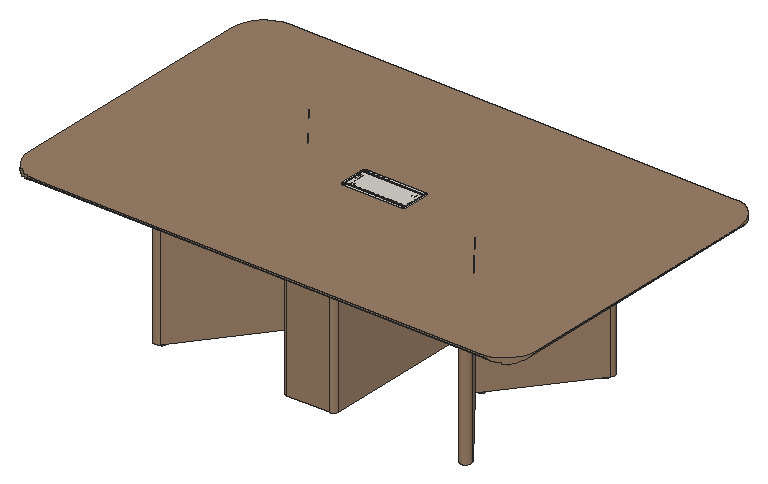
Revit family "Table-Teknion-CFTBKV-Figure_Table_Butter_Knife_Edge-Open_V_Leg_Base-R2023", category Furniture, Revit 2023
Family settings
  OmniClass Number = 23.40.20.00
  OmniClass Title = General Furniture and Specialties
  Work Plane-Based = No
  Enable Cutting in Views = No
  Always vertical = Yes
  Cut with Voids When Loaded = No
  Render Appearance Source = Family Geometry
  Shared = Yes
  Room Calculation Point = No
Parameters (values of type "60" Depth")
  Width [instance] = 96.000"
  Warranty = "http://www.teknion.com/ca/papers/legal-canada"
  Unit Weight URL = "http://www.teknion.com/ca/tools/assets#&asset=bee6a381-b954-425e-8283-5a2de3a804f2,f828d448-4b62-4231-9e5f-9a8991c0ed77"
  URL = "www.teknion.com"
  Top Finish [instance] = Veneer-Teknion-LX-Natural_Veneer_V3-Sierra_Flat_Cut
  To render please download texture images found here [instance] = "https://assets.teknion.com/web/5e81352c1dfdb467/revit-material-swatches/"
  Sustainability Data = "https://www.teknion.com/ca/tools/assets#&topic=216f99a5-57a0-44fc-b10a-9dee9b29ae4c&asset=444deb64-fe58-4b68-981e-f75e97781df7,b4ff2d81-9f2e-437d-9659-7cffb09c31cf"
  Surface Power Access [instance] = "Select one option for surface power access. None are default."  # constant formula
  Series = "Custom Wood Boardroom & Reception Tables"  # constant formula
  (S) Softened Panel [instance] = yes
  Round Corners [instance] = yes
  Product Page URL = "https://www.teknion.com/ca/products/product-details?productLineId=f182336e-8e7a-673b-a6c8-ff00004460c4"
  Product Line = "Figure Table"  # constant formula
  Product Documentation Link = "https://d2r72yk5wmppdj.cloudfront.net/m/7b6608f508e3c5a8/Community_Table_Cut_Sheet.pdf"
  Power Cover Finish [instance] = Paint - Teknion - Foundation - Sand
  Power - 2 & 3 [instance] = and([AF - 12" Standard], Width > 131.000")  # no
  Power - 1 & 3 [instance] = and([AF - 12" Standard], (or(Width < 121.000", Width > 203.000")))  # yes
  Part Number = "CFTBKV"  # constant formula
  Central Base Managment Option [instance] = "[(N) No Central Base] not available (132-240 Inches), Please select one of the options below"  # constant formula
  NN - None [instance] = not([AF - 12" Standard])  # no
  Model Line 2 [instance] = Width > 193.000"  # no
  Model Line 1 [instance] = Width < 193.000"  # yes
  Model = "CFTBKV60_"
  Manufacturer Phone = "416-661-3370"  # constant formula
  Manufacturer Fax = "416.661.4586"  # constant formula
  Manufacturer Contact Information = "http://www.teknion.com/ca/contactus"
  Manufacturer Address = "1150 Flint Road, Toronto, ON. M3J 2J5. Canada"  # constant formula
  Manufacturer = "Teknion"  # constant formula
  MR - Square [instance] = not(Round Corners)  # no
  How To Use Teknion Materials User Guide [instance] = "https://assets.teknion.com/m/205dd0a49fa58060/original/How-to-add-a-Material-Library-and-Texture-Images-to-your-Revit-project.pdf"
  (H) Hexa Panel [instance] = no
  Glide Finish [instance] = Paint - Teknion - Foundation - Sand
  For Additional Finishes please visit [instance] = "https://assets.teknion.com/m/44a8009b046e5d47/original/Teknion_Materials_Library.zip"
  Dim 4 = if(Depth = 60.000", 8.346", 6.846")  # 8.346"
  Dim 1 [instance] = if(Width = 120.000", 20.000", if(Width = 180.000", 45.000", if(Width = 192.000", 48.000", 42.000")))  # 42.000"
  Description = "Figure Table, Rectangular, Open V-Leg, Butter Knife Edge,"  # constant formula
  Depth = 60.000"
  Default Elevation = 0.000"
  Cut - WK - 2 & 3 AF [instance] = if([Power - 2 & 3], 4.000", 0.300")  # 0.300"
  Cut - WK - 1 & 3 AF [instance] = if([Power - 1 & 3], 4.000", 0.300")  # 4.000"
  Cut - Base 2 [instance] = if([Base - 2], 30.000", 0.300")  # 0.300"
  Cut - Base 1 [instance] = if([Base - 1], 30.000", 0.300")  # 30.000"
  Corner Options [instance] = "Round and Square Available"  # constant formula
  Base Finish [instance] = Veneer-Teknion-LX-Natural_Veneer_V3-Sierra_Flat_Cut
  Base - 1 [instance] = or(Width < 145.000", Width > 203.000")  # yes
  Base - 2 [instance] = Width > 146.000"  # no
  Available Width [instance] = "96, 108, 120, 132, 144, 156, 168, 180, 192, 204, 216, 228 & 240 Inch"  # constant formula
  Available Depth [instance] = "48, 54 & 60 Inch"  # constant formula
  Assembly Code = "E2020200"
  AF - 12" Standard [instance] = yes
  3 WK [instance] = Width > 203.000"  # no
  2D - 3 Base [instance] = Width > 203.000"  # no
  2D - 2 Base [instance] = or(Width = 156.000", Width = 168.000", Width = 180.000", Width = 192.000")  # no
  2D - 1 Base [instance] = Width < 145.000"  # yes
  2 WK + NN [instance] = yes
  2 WK + AF [instance] = and([AF - 12" Standard], (or(Width = 132.000", Width = 144.000", Width = 156.000", Width = 168.000", Width = 180.000", Width = 192.000")))  # no
  2 WK [instance] = or(Width = 120.000", Width = 132.000", Width = 144.000", Width = 156.000", Width = 168.000", Width = 180.000", Width = 192.000")  # no
Reference planes (in)
  plane 1 "Center Front/Back": y = 0
  plane 2: z = 0
  plane 3 "Center Left/Right": x = 0
  plane 4 "Left": x = -48
  plane 5 "Right": x = 48
  plane 6 "Back": y = 30
  plane 7 "Front": y = -30
  plane 8 "Top": z = 29
  plane 9: x = -6
  plane 10: x = 6
  plane 11: x = -16
  plane 12: x = 16
  plane 13: z = 28
  plane 14: y = 8.346
  plane 15: y = -8.346
Forms (in)
  Sweep 1, solid, material "Veneer-Teknion-LX-Natural_Veneer_V3-Sierra_Flat_Cut" <- "Top Finish"
    path origin (0, 0, 0) x (1, 0, 0) y (0, 0, 1)
      loop
        line (0, 27.5) -> (0, 26.75)
    profile origin (0, 0, 27.125) x (0, -1, 0) y (1, 0, 0)
      loop
        line (-22, -40) -> (22, -40) -> (22, 40) -> (-22, 40) -> (-22, -40)
  Sweep 2, void
    path origin (0, 0, 0) x (1, 0, 0) y (0, 0, 1)
      loop
        line (0, 23.5) -> (0, 27.5)
    profile origin (0, 0, 25.5) x (-1, 0, 0) y (0, -1, 0)
      loop
        arc (8.25, -3.75) -> (8.60355, -3.60355) -> (8.75, -3.25) r 0.5
        line (8.75, -3.25) -> (8.75, 3.25)
        arc (8.75, 3.25) -> (8.60355, 3.60355) -> (8.25, 3.75) r 0.5
        line (8.25, 3.75) -> (-8.25, 3.75)
        arc (-8.25, 3.75) -> (-8.60355, 3.60355) -> (-8.75, 3.25) r 0.5
        line (-8.75, 3.25) -> (-8.75, -3.25)
        arc (-8.75, -3.25) -> (-8.60355, -3.60355) -> (-8.25, -3.75) r 0.5
        line (-8.25, -3.75) -> (8.25, -3.75)
  Sweep 3, void
    path origin (0, 0, 0) x (1, 0, 0) y (0, 0, 1)
      loop
        line (0, 31.5) -> (0, 31.2)
    profile origin (0, 0, 31.35) x (0, -1, 0) y (1, 0, 0)
      loop
        arc (-2.69291, 0.47642) -> (-2.5776, 0.19803) -> (-2.29921, 0.08272) r 0.3937
        line (-2.29921, 0.08272) -> (2.29921, 0.08272)
        arc (2.29921, 0.08272) -> (2.5776, 0.19803) -> (2.69291, 0.47642) r 0.3937
        line (2.69291, 0.47642) -> (2.69291, 11.52367)
        arc (2.69291, 11.52367) -> (2.5776, 11.80205) -> (2.29921, 11.91737) r 0.3937
        line (2.29921, 11.91737) -> (-2.29921, 11.91737)
        arc (-2.29921, 11.91737) -> (-2.5776, 11.80205) -> (-2.69291, 11.52367) r 0.3937
        line (-2.69291, 11.52367) -> (-2.69291, 0.47642)
  Sweep 4, void
    path origin (0, 0, 0) x (1, 0, 0) y (0, 0, 1)
      loop
        line (0, 27.5) -> (0, 31.5)
    profile origin (0, 0, 29.5) x (-1, 0, 0) y (0, -1, 0)
      loop
        arc (5.52362, -2.69291) -> (5.80201, -2.5776) -> (5.91732, -2.29921) r 0.3937
        line (5.91732, -2.29921) -> (5.91732, 2.29921)
        arc (5.91732, 2.29921) -> (5.80201, 2.5776) -> (5.52362, 2.69291) r 0.3937
        line (5.52362, 2.69291) -> (-5.52362, 2.69291)
        arc (-5.52362, 2.69291) -> (-5.80201, 2.5776) -> (-5.91732, 2.29921) r 0.3937
        line (-5.91732, 2.29921) -> (-5.91732, -2.29921)
        arc (-5.91732, -2.29921) -> (-5.80201, -2.5776) -> (-5.52362, -2.69291) r 0.3937
        line (-5.52362, -2.69291) -> (5.52362, -2.69291)
  Sweep 5, solid, material "Veneer-Teknion-LX-Natural_Veneer_V3-Sierra_Flat_Cut" <- "Top Finish"
    path origin (0, 0, 0) x (1, 0, 0) y (0, 0, 1)
      loop
        line (0, 29) -> (0, 27.5)
    profile origin (0, 0, 28.25) x (0, -1, 0) y (1, 0, 0)
      loop
        line (-30, -48) -> (30, -48) -> (30, 48) -> (-30, 48) -> (-30, -48)
  Sweep 6, void
    path in 3D
      loop
        line (48, -30, 29) -> (48, 30, 29) -> (-48, 30, 29) -> (-48, -30, 29) -> (48, -30, 29)
    profile origin (48, 0, 29) x (-1, 0, 0) y (0, 0, 1)
      loop
        line (-0.07163, -0.27559) -> (-0.07163, -1.58282) -> (2.97165, -1.58282) -> (0.56299, -0.70614)
        arc (0.56299, -0.70614) -> (0.24854, -0.53396) -> (0, -0.27559) r 1.18457
        line (0, -0.27559) -> (-0.07163, -0.27559)
  Sweep 7, void
    path origin (0, 0, 0) x (1, 0, 0) y (0, 0, 1)
      loop
        line (0, 29) -> (0, 27.5)
    profile origin (0, 0, 28.25) x (0, -1, 0) y (1, 0, 0)
      loop
        arc (-24, -48) -> (-28.24264, -46.24264) -> (-30, -42) r 6
        line (-30, -42) -> (-30, -48) -> (-24, -48)
      loop
        line (-24, 48) -> (-30, 48) -> (-30, 42)
        arc (-30, 42) -> (-28.24264, 46.24264) -> (-24, 48) r 6
      loop
        line (24, -48) -> (30, -48) -> (30, -42)
        arc (30, -42) -> (28.24264, -46.24264) -> (24, -48) r 6
      loop
        arc (24, 48) -> (28.24264, 46.24264) -> (30, 42) r 6
        line (30, 42) -> (30, 48) -> (24, 48)
  Sweep 8, void
    path origin (0, 0, 0) x (1, 0, 0) y (0, 0, 1)
      loop
        line (0, 31.5) -> (0, 31.2)
    profile origin (0, 0, 31.35) x (0, -1, 0) y (1, 0, 0)
      loop
        line (-2.80315, -0.43701) -> (-2.80315, -11.56299)
        arc (-2.80315, -11.56299) -> (-2.66708, -11.89149) -> (-2.33858, -12.02756) r 0.46457
        line (-2.33858, -12.02756) -> (2.33858, -12.02756)
        arc (2.33858, -12.02756) -> (2.66708, -11.89149) -> (2.80315, -11.56299) r 0.46457
        line (2.80315, -11.56299) -> (2.80315, -0.43701)
        arc (2.80315, -0.43701) -> (2.66708, -0.10851) -> (2.33858, 0.02756) r 0.46457
        line (2.33858, 0.02756) -> (-2.33858, 0.02756)
        arc (-2.33858, 0.02756) -> (-2.66708, -0.10851) -> (-2.80315, -0.43701) r 0.46457
Cuts and joins
  Sweep 2, Sweep 8 cuts Sweep 1
  Sweep 3, Sweep 4, Sweep 6, Sweep 7, Sweep 8 cuts Sweep 5
Lines and regions (in)
  Masking region 1, visible <- "Round Corners"
    outline origin (0, 0, 0) x (1, 0, 0) y (0, 1, 0)
      loop
        line (-48, 24) -> (-48, -24)
        arc (-48, -24) -> (-46.24264, -28.24264) -> (-42, -30) r 6
        line (-42, -30) -> (42, -30)
        arc (42, -30) -> (46.24264, -28.24264) -> (48, -24) r 6
        line (48, -24) -> (48, 24)
        arc (48, 24) -> (46.24264, 28.24264) -> (42, 30) r 6
        line (42, 30) -> (-42, 30)
        arc (-42, 30) -> (-46.24264, 28.24264) -> (-48, 24) r 6
  Masking region 2, visible <- "MR - Square"
    outline origin (0, 0, 0) x (1, 0, 0) y (0, 1, 0)
      loop
        line (-48, 30) -> (-48, -30) -> (48, -30) -> (48, 30) -> (-48, 30)
  symbolic lines, style "FurnitureHiddenLines", visible <- "Power - 2 & 3", detail levels fine
    curve 1: line (14.25004, 3.75, 28) -> (-2.24996, 3.75, 28)
    curve 2: arc (-2.24996, 3.75, 28) -> (-2.60351, 3.60355, 28) -> (-2.74996, 3.25, 28) r 0.5
    curve 3: line (-2.74996, 3.25, 28) -> (-2.74996, -3.25, 28)
    curve 4: arc (-2.74996, -3.25, 28) -> (-2.60351, -3.60355, 28) -> (-2.24996, -3.75, 28) r 0.5
    curve 5: line (-2.24996, -3.75, 28) -> (14.25004, -3.75, 28)
    curve 6: arc (14.25004, -3.75, 28) -> (14.6036, -3.60355, 28) -> (14.75004, -3.25, 28) r 0.5
    curve 7: line (14.75004, -3.25, 28) -> (14.75004, 3.25, 28)
    curve 8: arc (14.75004, 3.25, 28) -> (14.6036, 3.60355, 28) -> (14.25004, 3.75, 28) r 0.5
    curve 28: line (2.25004, 3.75, 28) -> (-14.24996, 3.75, 28)
    curve 29: arc (-14.24996, 3.75, 28) -> (-14.60351, 3.60355, 28) -> (-14.74996, 3.25, 28) r 0.5
    curve 30: line (-14.74996, 3.25, 28) -> (-14.74996, -3.25, 28)
    curve 31: arc (-14.74996, -3.25, 28) -> (-14.60351, -3.60355, 28) -> (-14.24996, -3.75, 28) r 0.5
    curve 32: line (-14.24996, -3.75, 28) -> (2.25004, -3.75, 28)
    curve 33: arc (2.25004, -3.75, 28) -> (2.6036, -3.60355, 28) -> (2.75004, -3.25, 28) r 0.5
    curve 34: line (2.75004, -3.25, 28) -> (2.75004, 3.25, 28)
    curve 35: arc (2.75004, 3.25, 28) -> (2.6036, 3.60355, 28) -> (2.25004, 3.75, 28) r 0.5
  symbolic lines, style "FurnitureHiddenLines", visible <- "Power - 1 & 3", detail levels fine
    curve 9: line (8.75, -3.25, 28) -> (8.75, 3.25, 28)
    curve 10: arc (8.75, 3.25, 28) -> (8.60355, 3.60355, 28) -> (8.25, 3.75, 28) r 0.5
    curve 11: line (8.25, 3.75, 28) -> (-8.25, 3.75, 28)
    curve 12: arc (-8.25, 3.75, 28) -> (-8.60355, 3.60355, 28) -> (-8.75, 3.25, 28) r 0.5
    curve 13: line (-8.75, 3.25, 28) -> (-8.75, -3.25, 28)
    curve 14: arc (-8.75, -3.25, 28) -> (-8.60355, -3.60355, 28) -> (-8.25, -3.75, 28) r 0.5
    curve 15: line (-8.25, -3.75, 28) -> (8.25, -3.75, 28)
    curve 16: arc (8.25, -3.75, 28) -> (8.60355, -3.60355, 28) -> (8.75, -3.25, 28) r 0.5
  reference lines
    curve 17: line (-48, 30, 0) -> (48, 30, 0)
    curve 18: line (-48, -30, 0) -> (48, -30, 0)
    curve 19: line (-48, 30, 0) -> (-48, -30, 0)
    curve 20: line (48, 30, 0) -> (48, -30, 0)
  sketch lines
    curve 21: line (-48, -30, 29) -> (48, -30, 29)
    curve 22: line (-48, 30, 29) -> (-48, -30, 29)
    curve 23: line (48, 30, 29) -> (-48, 30, 29)
    curve 24: line (48, -30, 29) -> (48, 30, 29)
  model lines, visible <- "Model Line 1"
    curve 25: line (0, 30, 29) -> (0, -30, 29)
  model lines, visible <- "Model Line 2"
    curve 26: line (-16, 30, 29) -> (-16, -30, 29)
    curve 27: line (16, 30, 29) -> (16, -30, 29)
Dimensions and locks (in)
  "Width": plane 4 "Left" to plane 5 "Right"
  "Depth": plane 6 "Back" to plane 7 "Front"
  locked: plane 8 "Top" to level at 29
  equal spacing: plane 6 "Back", plane 1 "Center Front/Back", plane 7 "Front"
  equal spacing: plane 4 "Left", plane 3 "Center Left/Right", plane 5 "Right"
  Sweep 1 sketch curve to Sweep 1 sketch curve to plane 8 "Top" = 0.750" locked, 1.500" locked
  locked: plane 4 "Left" to Sweep 1 sketch curve at 8
  locked: Sweep 1 sketch curve to plane 5 "Right" at 8
  locked: plane 6 "Back" to Sweep 1 sketch curve at 8
  locked: plane 7 "Front" to Sweep 1 sketch curve at 8
  "Dim 1": plane 4 "Left" to plane 9
  "Dim 1": plane 10 to plane 5 "Right"
  equal spacing: plane 4 "Left", plane 11, plane 12, plane 5 "Right"
  locked: plane 8 "Top" to plane 13 at 1
  locked: plane 8 "Top" to Sweep 2 sketch curve at 5.5
  "Cut - WK - 1 & 3 AF": Sweep 2 sketch curve to Sweep 2 sketch curve
  Sweep 2 sketch curve to Sweep 2 sketch curve to plane 3 "Center Left/Right" to Sweep 2 sketch curve to Sweep 2 sketch curve = 0.500" locked, 8.250" locked, 8.250" locked, 0.500" locked
  Sweep 2 sketch curve to Sweep 2 sketch curve to plane 1 "Center Front/Back" to Sweep 2 sketch curve to Sweep 2 sketch curve = 0.500" locked, 3.250" locked, 3.250" locked, 0.500" locked
  locked: Sweep 3 sketch curve to plane 8 "Top" at 2.5
  "Cut - WK - 2 & 3 AF": Sweep 3 sketch curve to Sweep 3 sketch curve
  Sweep 3 sketch curve to Sweep 3 sketch curve to plane 10 to Sweep 3 sketch curve to Sweep 3 sketch curve = 0.3937" locked, 5.52358" locked, 5.52367" locked, 0.3937" locked
  Sweep 3 sketch curve to Sweep 3 sketch curve to plane 1 "Center Front/Back" to Sweep 3 sketch curve to Sweep 3 sketch curve = 0.3937" locked, 2.29921" locked, 2.29921" locked, 0.3937" locked
  locked: Sweep 4 sketch curve to plane 8 "Top" at 2.5
  "Cut - WK - 1 & 3 AF": Sweep 4 sketch curve to Sweep 4 sketch curve
  Sweep 4 sketch curve to Sweep 4 sketch curve to plane 1 "Center Front/Back" to Sweep 4 sketch curve to Sweep 4 sketch curve = 0.3937" locked, 2.29921" locked, 2.29921" locked, 0.3937" locked
  Sweep 4 sketch curve to Sweep 4 sketch curve to plane 3 "Center Left/Right" to Sweep 4 sketch curve to Sweep 4 sketch curve = 0.3937" locked, 5.52362" locked, 5.52362" locked, 0.3937" locked
  "Dim 4": plane 14 to plane 1 "Center Front/Back"
  "Dim 4": plane 15 to plane 1 "Center Front/Back"
  locked: plane 8 "Top" to Sweep 5 sketch curve at 1.5
  locked: plane 8 "Top" to Sweep 7 sketch curve at 1.5
  locked: Sweep 8 sketch curve to plane 8 "Top" at 2.5
  "Cut - WK - 2 & 3 AF": Sweep 8 sketch curve to Sweep 8 sketch curve
  Sweep 8 sketch curve to plane 9 to Sweep 8 sketch curve = 6.02756" locked, 6.02756" locked
  Sweep 8 sketch curve to plane 1 "Center Front/Back" to Sweep 8 sketch curve = 2.80315" locked, 2.80315" locked
  curve 3 to plane 10 to curve 7 = 8.74996" locked, 8.75004" locked
  curve 5 to plane 1 "Center Front/Back" to curve 1 = 3.750" locked, 3.750" locked
  curve 30 to plane 9 to curve 34 = 8.74996" locked, 8.75004" locked
  curve 32 to plane 1 "Center Front/Back" to curve 28 = 3.750" locked, 3.750" locked
  aligned and locked: level to plane 2
  aligned and locked: Sweep 1 sketch curve to plane 3 "Center Left/Right"
  aligned and locked: plane 3 "Center Left/Right" to Sweep 2 sketch curve
  aligned and locked: plane 9 to nested 2
  aligned and locked: plane 3 "Center Left/Right" to nested 3
  aligned and locked: nested 1 to plane 10
  aligned and locked: plane 8 "Top" to nested 2
  aligned and locked: plane 8 "Top" to nested 3
  aligned and locked: plane 8 "Top" to nested 1
  aligned and locked: Sweep 3 sketch curve to plane 3 "Center Left/Right"
  aligned and locked: plane 3 "Center Left/Right" to Sweep 4 sketch curve
  aligned and locked: plane 1 "Center Front/Back" to nested 2
  aligned and locked: plane 1 "Center Front/Back" to nested 3
  aligned and locked: plane 1 "Center Front/Back" to nested 1
  aligned and locked: curve 10 to Sweep 2
  aligned and locked: curve 12 to Sweep 2
  aligned and locked: curve 14 to Sweep 2
  aligned and locked: curve 16 to Sweep 2
  aligned and locked: curve 17 to plane 6 "Back"
  aligned and locked: plane 7 "Front" to curve 18
  aligned and locked: curve 19 to plane 4 "Left"
  aligned and locked: plane 5 "Right" to curve 20
  aligned and locked: Sweep 5 sketch curve to plane 3 "Center Left/Right"
  aligned and locked: plane 8 "Top" to Sweep 5 sketch curve
  aligned and locked: plane 4 "Left" to Sweep 5 sketch curve
  aligned and locked: plane 6 "Back" to Sweep 5 sketch curve
  aligned and locked: Sweep 5 sketch curve to plane 5 "Right"
  aligned and locked: Sweep 5 sketch curve to plane 7 "Front"
  aligned and locked: plane 8 "Top" to Sweep 7 sketch curve
  aligned and locked: Sweep 7 sketch curve to plane 3 "Center Left/Right"
  aligned and locked: plane 6 "Back" to Sweep 7 sketch curve
  aligned and locked: Sweep 7 sketch curve to plane 4 "Left"
  aligned and locked: Sweep 7 sketch curve to plane 6 "Back"
  aligned and locked: plane 5 "Right" to Sweep 7 sketch curve
  aligned and locked: plane 4 "Left" to Sweep 7 sketch curve
  aligned and locked: Sweep 7 sketch curve to plane 7 "Front"
  aligned and locked: Sweep 7 sketch curve to plane 5 "Right"
  aligned and locked: plane 7 "Front" to Sweep 7 sketch curve
  aligned and locked: curve 25 to plane 3 "Center Left/Right"
  aligned and locked: plane 6 "Back" to curve 25
  aligned and locked: plane 7 "Front" to curve 25
  aligned and locked: curve 26 to plane 11
  aligned and locked: curve 27 to plane 12
  aligned and locked: plane 6 "Back" to curve 27
  aligned and locked: plane 7 "Front" to curve 27
  aligned and locked: plane 7 "Front" to curve 26
  aligned and locked: plane 6 "Back" to curve 26
  aligned and locked: Masking region 1 sketch curve to plane 4 "Left"
  aligned and locked: Masking region 1 sketch curve to plane 6 "Back"
  aligned and locked: plane 5 "Right" to Masking region 1 sketch curve
  aligned and locked: plane 7 "Front" to Masking region 1 sketch curve
  aligned and locked: plane 3 "Center Left/Right" to nested 4
  aligned and locked: plane 7 "Front" to nested 4
  aligned and locked: nested 4 to level
  aligned and locked: Sweep 8 sketch curve to plane 3 "Center Left/Right"
Automatic sketch dimensions
  Sweep 6 sketch curve to profile plane = 0.000"
  profile plane to Sweep 6 sketch curve = 0.07163"
  Sweep 6 sketch curve to profile plane = 0.56299"
  profile plane to Sweep 6 sketch curve = 0.40699"
  Sweep 6 sketch curve to profile plane = 0.96814"
  Sweep 6 sketch curve to profile plane = 1.58282"
  Sweep 6 sketch curve to Sweep 6 sketch curve = 2.40866"
  Sweep 7 sketch curve to Sweep 7 sketch curve = 6.000"  (x4)
  Masking region 2 sketch curve to plane 4 "Left" = 0.000"
  Masking region 2 sketch curve to plane 5 "Right" = 0.000"
  plane 7 "Front" to Masking region 2 sketch curve = 0.000"
  Masking region 2 sketch curve to plane 6 "Back" = 0.000"
  Masking region 1 sketch curve to Masking region 1 sketch curve = 6.000"
  Masking region 1 sketch curve to plane 6 "Back" = 6.000"  (x2)
  Masking region 1 sketch curve to plane 7 "Front" = 6.000"
  Sweep 8 sketch curve to Sweep 8 sketch curve = 0.46457"  (x3)
  plane 1 "Center Front/Back" to Sweep 8 sketch curve = 2.33858"
  curve 1 to curve 2 = 0.500"
  curve 1 to curve 7 = 0.500"
  curve 28 to curve 35 = 0.500"
  curve 28 to curve 29 = 0.500"
  curve 3 to curve 4 = 0.500"
  curve 33 to curve 33 = 0.500"
  curve 6 to curve 6 = 0.500"
  curve 30 to curve 31 = 0.500"
Nested families (in)
  nested 1: "12 Inch Standard Recessed Access Door" at (-1344, 150, -0.06), Finish <- "Power Cover Finish", visible <- "Power - 2 & 3", type "12 Inch Compact Recessed Access Door"
    with To render please download texture images found here "https://assets.teknion.com/web/5e81352c1dfdb467/revit-material-swatches/", How To Use Teknion Materials User Guide "https://assets.teknion.com/m/205dd0a49fa58060/original/How-to-add-a-Material-Library-and-Texture-Images-to-your-Revit-project.pdf", For Additional Finishes please visit "https://assets.teknion.com/m/44a8009b046e5d47/original/Teknion_Materials_Library.zip", Finish Paint - Teknion - Foundation - Sand
  nested 2: "12 Inch Standard Recessed Access Door" at (-1356, 150, -0.06), Finish <- "Power Cover Finish", visible <- "Power - 2 & 3", type "12 Inch Compact Recessed Access Door"
    with To render please download texture images found here "https://assets.teknion.com/web/5e81352c1dfdb467/revit-material-swatches/", How To Use Teknion Materials User Guide "https://assets.teknion.com/m/205dd0a49fa58060/original/How-to-add-a-Material-Library-and-Texture-Images-to-your-Revit-project.pdf", For Additional Finishes please visit "https://assets.teknion.com/m/44a8009b046e5d47/original/Teknion_Materials_Library.zip", Finish Paint - Teknion - Foundation - Sand
  nested 3: "12 Inch Standard Recessed Access Door" at (-1350, 150, -0.06), Finish <- "Power Cover Finish", visible <- "Power - 1 & 3", type "12 Inch Compact Recessed Access Door"
    with To render please download texture images found here "https://assets.teknion.com/web/5e81352c1dfdb467/revit-material-swatches/", How To Use Teknion Materials User Guide "https://assets.teknion.com/m/205dd0a49fa58060/original/How-to-add-a-Material-Library-and-Texture-Images-to-your-Revit-project.pdf", For Additional Finishes please visit "https://assets.teknion.com/m/44a8009b046e5d47/original/Teknion_Materials_Library.zip", Finish Paint - Teknion - Foundation - Sand
  nested 4: "BKV LEG" at (-0.01361, 0, 0), (H) Hexa Panel <- "(H) Hexa Panel", (S) Softened Panel <- "(S) Softened Panel", (AF) 12" Standard Access Door <- "AF - 12" Standard", Depth <- "Depth", Width <- "Width", Top Finish <- "Top Finish", Power Cover Finish <- "Power Cover Finish", Base Finish <- "Base Finish", type "BKV Leg"
    with Width 96.000", V Leg Dim 33.045", Top Finish Veneer-Teknion-LX-Natural_Veneer_V3-Sierra_Flat_Cut, To render please download texture images found here "https://assets.teknion.com/web/5e81352c1dfdb467/revit-material-swatches/", Surface Power Access "Check / Uncheck for Access Power Options", Side Legs Dim 4.348", Power Cover Finish Paint - Teknion - Foundation - Sand, How To Use Teknion Materials User Guide "https://assets.teknion.com/m/205dd0a49fa58060/original/How-to-add-a-Material-Library-and-Texture-Images-to-your-Revit-project.pdf", For Additional Finishes please visit "https://assets.teknion.com/m/44a8009b046e5d47/original/Teknion_Materials_Library.zip", Depth 60.000", Central Base Options "Check / Uncheck for Base Options", Base S Cutout yes, Base S 240" no, Base S 228"- yes, Base H Cutout no, Base H 240" no, Base H 228"- no, Base Finish Veneer-Teknion-LX-Natural_Veneer_V3-Sierra_Flat_Cut, Base Dim 24.000", Available Width "Available In 96\", 108\", 120\", 132\", 144\", 156\", 168\", 180\", 192\", 204\", 216\", 228\", 240\"", Available Depth "Available In 48\", 54\", 60\"", AF Sides no, AF Mid yes, 3 Tops no, 2 Tops no, 1 Top yes, (S) Softened Panel yes, (NN) None no, (N) No Central Base no, (H) Hexa Panel no, (AF) 12" Standard Access Door yes
  nested 5: "V Leg" at (-28.6954, 0.10332, 0), type "V Leg"
    with V Leg - Width 15.045", V Leg - Depth 36.000", To render please download texture images found here "https://assets.teknion.com/web/5e81352c1dfdb467/revit-material-swatches/", How To Use Teknion Materials User Guide "https://assets.teknion.com/m/205dd0a49fa58060/original/How-to-add-a-Material-Library-and-Texture-Images-to-your-Revit-project.pdf", Glide Finish Paint - Teknion - Foundation - Ebony, For Additional Finishes please visit "https://assets.teknion.com/m/44a8009b046e5d47/original/Teknion_Materials_Library.zip", Depth 60.000", Base Finish Veneer-Teknion-LX-Natural_Veneer_V3-Sierra_Flat_Cut
  nested 6: "V Leg" at (28.6954, 0.10332, 0) x (-1, 0, 0) z (0, 0, 1), type "V Leg"
    with V Leg - Width 15.045", V Leg - Depth 36.000", To render please download texture images found here "https://assets.teknion.com/web/5e81352c1dfdb467/revit-material-swatches/", How To Use Teknion Materials User Guide "https://assets.teknion.com/m/205dd0a49fa58060/original/How-to-add-a-Material-Library-and-Texture-Images-to-your-Revit-project.pdf", Glide Finish Paint - Teknion - Foundation - Ebony, For Additional Finishes please visit "https://assets.teknion.com/m/44a8009b046e5d47/original/Teknion_Materials_Library.zip", Depth 60.000", Base Finish Veneer-Teknion-LX-Natural_Veneer_V3-Sierra_Flat_Cut
  nested 7: "Softened Panel" at (0, 0, 0), type "Softened Panel"
    with Top Cutout yes, To render please download texture images found here "https://assets.teknion.com/web/5e81352c1dfdb467/revit-material-swatches/", Panel Width 36.000", Mid Leg yes, Mid Cutout no, Left Cutout yes, How To Use Teknion Materials User Guide "https://assets.teknion.com/m/205dd0a49fa58060/original/How-to-add-a-Material-Library-and-Texture-Images-to-your-Revit-project.pdf", Glide Finish Paint - Teknion - Foundation - Ebony, For Additional Finishes please visit "https://assets.teknion.com/m/44a8009b046e5d47/original/Teknion_Materials_Library.zip", Depth 60.000", Bottom Cutout yes, Base Finish Veneer-Teknion-LX-Natural_Veneer_V3-Sierra_Flat_Cut
Definition of nested family "12 Inch Standard Recessed Access Door"
  Parameters (values of type "12 Inch Compact Recessed Access Door")
    Warranty = "http://www.teknion.com/ca/papers/legal-canada"
    Unit Weight URL = "http://www.teknion.com/ca/tools/assets#&asset=bee6a381-b954-425e-8283-5a2de3a804f2,f828d448-4b62-4231-9e5f-9a8991c0ed77"
    URL = "www.teknion.com"
    To render please download texture images found here [instance] = "https://assets.teknion.com/web/5e81352c1dfdb467/revit-material-swatches/"
    Sustainability Data = "https://www.teknion.com/ca/tools/assets#&topic=216f99a5-57a0-44fc-b10a-9dee9b29ae4c&asset=444deb64-fe58-4b68-981e-f75e97781df7,b4ff2d81-9f2e-437d-9659-7cffb09c31cf"
    Series = ""
    Product Page URL = ""
    Product Line = ""
    Product Documentation Link = ""
    Part Number = ""
    Model = "1"
    Manufacturer Phone = "416-661-3370"  # constant formula
    Manufacturer Fax = "416.661.4586"  # constant formula
    Manufacturer Contact Information = "http://www.teknion.com/ca/contactus"
    Manufacturer Address = "1150 Flint Road, Toronto, ON. M3J 2J5. Canada"  # constant formula
    Manufacturer = "Teknion"  # constant formula
    How To Use Teknion Materials User Guide [instance] = "https://assets.teknion.com/m/205dd0a49fa58060/original/How-to-add-a-Material-Library-and-Texture-Images-to-your-Revit-project.pdf"
    For Additional Finishes please visit [instance] = "https://assets.teknion.com/m/44a8009b046e5d47/original/Teknion_Materials_Library.zip"
    Finish [instance] = none
    Description = "12 Inch Compact Recessed Access Door"
    Default Elevation = 0.000"
    Assembly Code = "E2020200"
  Reference planes (in)
    plane 1 "Center Front/Back": y = -150
    plane 2: z = 0
    plane 3 "Center Left/Right": x = 1350
    plane 4 "Left": x = 1343.97244
    plane 5 "Right": x = 1356.02756
    plane 6 "Back": y = -147.19685
    plane 7 "Front": y = -152.80315
    plane 8 "Top": z = 29.06
    plane 9: z = 29.13087
    plane 10: z = 27.55606
  Forms (in)
    Sweep 1, solid, material <- "Finish"
      path origin (0, -150, 0) x (1, 0, 0) y (0, 0, 1)
        loop
          line (1350, 29.0915) -> (1350, 28.93402)
      profile origin (1350, -150, 29.01276) x (0, -1, 0) y (1, 0, 0)
        loop
          line (-1.96727, 5.55118) -> (-1.96727, -5.55118)
          arc (-1.96727, -5.55118) -> (-1.93304, -5.63382) -> (-1.85039, -5.66805) r 0.11687
          line (-1.85039, -5.66805) -> (1.85039, -5.66805)
          arc (1.85039, -5.66805) -> (1.93304, -5.63382) -> (1.96727, -5.55118) r 0.11687
          line (1.96727, -5.55118) -> (1.96727, 5.55118)
          arc (1.96727, 5.55118) -> (1.93304, 5.63382) -> (1.85039, 5.66805) r 0.11687
          line (1.85039, 5.66805) -> (-1.85039, 5.66805)
          arc (-1.85039, 5.66805) -> (-1.93304, 5.63382) -> (-1.96727, 5.55118) r 0.11687
    Sweep 2, solid, material <- "Finish"
      path origin (0, 0, 0) x (1, 0, 0) y (0, 1, 0)
        loop
          line (1345.02559, -150.97077) -> (1345.50591, -150.97077)
      profile origin (1345.26575, -150.97077, 0) x (0, 1, 0) y (0, 0, 1)
        loop
          arc (-0.58221, 28.65831) -> (-0.29695, 28.37305) -> (-0.01169, 28.65831) r 0.28526
          line (-0.01169, 28.65831) -> (0, 28.99307) -> (-0.5939, 28.99307) -> (-0.58221, 28.65831)
    Sweep 3, solid, material <- "Finish"
      path origin (4.42913, 2.53543, 0) x (1, 0, 0) y (0, 1, 0)
        loop
          line (1350.06496, -150.97077) -> (1350.54528, -150.97077)
      profile origin (1354.73425, -148.43533, 0) x (0, 1, 0) y (0, 0, 1)
        loop
          arc (-0.58221, 28.65831) -> (-0.29695, 28.37305) -> (-0.01169, 28.65831) r 0.28526
          line (-0.01169, 28.65831) -> (0, 28.99307) -> (-0.5939, 28.99307) -> (-0.58221, 28.65831)
    Sweep 4, solid, material <- "Finish"
      path origin (0, 0, 0) x (1, 0, 0) y (0, 1, 0)
        loop
          line (1344.95276, -150) -> (1344.53543, -150)
      profile origin (1344.74409, -150, 0) x (0, -1, 0) y (0, 0, 1)
        loop
          line (1.26772, 28.9537) -> (-1.26772, 28.9537)
          arc (-1.26772, 28.9537) -> (-1.46955, 28.8701) -> (-1.55315, 28.66827) r 0.28543
          arc (-1.55315, 28.66827) -> (-1.46955, 28.46644) -> (-1.26772, 28.38283) r 0.28543
          line (-1.26772, 28.38283) -> (1.26772, 28.38283)
          arc (1.26772, 28.38283) -> (1.46955, 28.46644) -> (1.55315, 28.66827) r 0.28543
          arc (1.55315, 28.66827) -> (1.46955, 28.8701) -> (1.26772, 28.9537) r 0.28543
    Sweep 5, solid, material <- "Finish"
      path origin (2700, 0, 0) x (-1, 0, 0) y (0, -1, 0)
        loop
          line (1344.95276, 150) -> (1344.53543, 150)
      profile origin (1355.25591, -150, 0) x (0, 1, 0) y (0, 0, 1)
        loop
          arc (-1.26772, 28.9537) -> (-1.46955, 28.8701) -> (-1.55315, 28.66827) r 0.28543
          arc (-1.55315, 28.66827) -> (-1.46955, 28.46644) -> (-1.26772, 28.38283) r 0.28543
          line (-1.26772, 28.38283) -> (1.26772, 28.38283)
          arc (1.26772, 28.38283) -> (1.46955, 28.46644) -> (1.55315, 28.66827) r 0.28543
          arc (1.55315, 28.66827) -> (1.46955, 28.8701) -> (1.26772, 28.9537) r 0.28543
          line (1.26772, 28.9537) -> (-1.26772, 28.9537)
    Sweep 6, solid, material <- "Finish"
      path origin (0, -150, 0) x (1, 0, 0) y (0, 0, 1)
        loop
          line (1350, 28.30172) -> (1350, 27.55606)
      profile origin (1350, -150, 27.92889) x (0, -1, 0) y (1, 0, 0)
        loop
          line (1.35626, -5.83069) -> (2.28346, -5.83069)
          arc (2.28346, -5.83069) -> (2.51173, -5.73614) -> (2.60628, -5.50787) r 0.32281
          line (2.60628, -5.50787) -> (2.60628, 5.50787)
          arc (2.60628, 5.50787) -> (2.51173, 5.73614) -> (2.28346, 5.83069) r 0.32281
          line (2.28346, 5.83069) -> (1.35626, 5.83069) -> (-1.35626, 5.83069) -> (-2.28346, 5.83069)
          arc (-2.28346, 5.83069) -> (-2.51173, 5.73614) -> (-2.60628, 5.50787) r 0.32281
          line (-2.60628, 5.50787) -> (-2.60628, -5.50787)
          arc (-2.60628, -5.50787) -> (-2.51173, -5.73614) -> (-2.28346, -5.83069) r 0.32281
          line (-2.28346, -5.83069) -> (-1.35626, -5.83069) -> (1.35626, -5.83069)
        loop
          arc (2.28346, -5.74014) -> (2.4477, -5.67211) -> (2.51573, -5.50787) r 0.23226
          line (2.51573, -5.50787) -> (2.51573, 5.50787)
          arc (2.51573, 5.50787) -> (2.4477, 5.67211) -> (2.28346, 5.74014) r 0.23226
          line (2.28346, 5.74014) -> (1.44686, 5.74014) -> (1.44686, 5.10236) -> (-1.44686, 5.10236) -> (-1.44686, 5.74014) -> (-2.28346, 5.74014)
          arc (-2.28346, 5.74014) -> (-2.4477, 5.67211) -> (-2.51573, 5.50787) r 0.23226
          line (-2.51573, 5.50787) -> (-2.51573, -5.50787)
          arc (-2.51573, -5.50787) -> (-2.4477, -5.67211) -> (-2.28346, -5.74014) r 0.23226
          line (-2.28346, -5.74014) -> (-1.44686, -5.74014) -> (-1.44686, -5.10236) -> (1.44686, -5.10236) -> (1.44686, -5.74014) -> (2.28346, -5.74014)
    SweptBlend 7, solid, material <- "Finish"
      path origin (0, -150, 0) x (1, 0, 0) y (0, 0, 1)
        loop
          line (1350, 28.30172) -> (1350, 29.06)
      profile origin (1350, -150, 28.30172) x (-1, 0, 0) y (0, -1, 0)
        loop
          line (5.50787, 2.60628) -> (-5.50787, 2.60628)
          arc (-5.50787, 2.60628) -> (-5.73614, 2.51173) -> (-5.83069, 2.28346) r 0.32281
          line (-5.83069, 2.28346) -> (-5.83069, -2.28346)
          arc (-5.83069, -2.28346) -> (-5.73614, -2.51173) -> (-5.50787, -2.60628) r 0.32281
          line (-5.50787, -2.60628) -> (5.50787, -2.60628)
          arc (5.50787, -2.60628) -> (5.73614, -2.51173) -> (5.83069, -2.28346) r 0.32281
          line (5.83069, -2.28346) -> (5.83069, 2.28346)
          arc (5.83069, 2.28346) -> (5.73614, 2.51173) -> (5.50787, 2.60628) r 0.32281
      end profile origin (1350, -150, 29.06) x (-1, 0, 0) y (0, -1, 0)
        loop
          line (5.50787, 2.64602) -> (-5.50787, 2.64602)
          arc (-5.50787, 2.64602) -> (-5.76424, 2.53983) -> (-5.87043, 2.28346) r 0.36255
          line (-5.87043, 2.28346) -> (-5.87043, -2.28346)
          arc (-5.87043, -2.28346) -> (-5.76424, -2.53983) -> (-5.50787, -2.64602) r 0.36255
          line (-5.50787, -2.64602) -> (5.50787, -2.64602)
          arc (5.50787, -2.64602) -> (5.76424, -2.53983) -> (5.87043, -2.28346) r 0.36255
          line (5.87043, -2.28346) -> (5.87043, 2.28346)
          arc (5.87043, 2.28346) -> (5.76424, 2.53983) -> (5.50787, 2.64602) r 0.36255
    SweptBlend 8, void
      path origin (0, -150, 0) x (1, 0, 0) y (0, 0, 1)
        loop
          line (1350, 28.30172) -> (1350, 29.13087)
      profile origin (1350, -150, 28.30172) x (-1, 0, 0) y (0, -1, 0)
        loop
          arc (-5.50787, 2.51573) -> (-5.67211, 2.4477) -> (-5.74014, 2.28346) r 0.23226
          line (-5.74014, 2.28346) -> (-5.74014, -2.28346)
          arc (-5.74014, -2.28346) -> (-5.67211, -2.4477) -> (-5.50787, -2.51573) r 0.23226
          line (-5.50787, -2.51573) -> (5.50787, -2.51573)
          arc (5.50787, -2.51573) -> (5.67211, -2.4477) -> (5.74014, -2.28346) r 0.23226
          line (5.74014, -2.28346) -> (5.74014, 2.28346)
          arc (5.74014, 2.28346) -> (5.67211, 2.4477) -> (5.50787, 2.51573) r 0.23226
          line (5.50787, 2.51573) -> (-5.50787, 2.51573)
      end profile origin (1350, -150, 29.13087) x (-1, 0, 0) y (0, -1, 0)
        loop
          arc (5.78346, 2.28346) -> (5.70275, 2.47834) -> (5.50787, 2.55906) r 0.27559
          line (5.50787, 2.55906) -> (-5.50787, 2.55906)
          arc (-5.50787, 2.55906) -> (-5.70275, 2.47834) -> (-5.78346, 2.28346) r 0.27559
          line (-5.78346, 2.28346) -> (-5.78346, -2.28346)
          arc (-5.78346, -2.28346) -> (-5.70275, -2.47834) -> (-5.50787, -2.55906) r 0.27559
          line (-5.50787, -2.55906) -> (5.50787, -2.55906)
          arc (5.50787, -2.55906) -> (5.70275, -2.47834) -> (5.78346, -2.28346) r 0.27559
          line (5.78346, -2.28346) -> (5.78346, 2.28346)
    Sweep 9, solid, material <- "Finish"
      path origin (0, -150, 0) x (1, 0, 0) y (0, 0, 1)
        loop
          line (1350, 29.13087) -> (1350, 29.06)
      profile origin (1350, -150, 29.09543) x (0, -1, 0) y (1, 0, 0)
        loop
          arc (-2.80315, -5.56299) -> (-2.66708, -5.89149) -> (-2.33858, -6.02756) r 0.46457
          line (-2.33858, -6.02756) -> (2.33858, -6.02756)
          arc (2.33858, -6.02756) -> (2.66708, -5.89149) -> (2.80315, -5.56299) r 0.46457
          line (2.80315, -5.56299) -> (2.80315, 5.56299)
          arc (2.80315, 5.56299) -> (2.66708, 5.89149) -> (2.33858, 6.02756) r 0.46457
          line (2.33858, 6.02756) -> (-2.33858, 6.02756)
          arc (-2.33858, 6.02756) -> (-2.66708, 5.89149) -> (-2.80315, 5.56299) r 0.46457
          line (-2.80315, 5.56299) -> (-2.80315, -5.56299)
        loop
          arc (-2.55535, -5.50787) -> (-2.47572, -5.70013) -> (-2.28346, -5.77976) r 0.27189
          line (-2.28346, -5.77976) -> (2.28346, -5.77976)
          arc (2.28346, -5.77976) -> (2.47572, -5.70013) -> (2.55535, -5.50787) r 0.27189
          line (2.55535, -5.50787) -> (2.55535, 5.50787)
          arc (2.55535, 5.50787) -> (2.47572, 5.70013) -> (2.28346, 5.77976) r 0.27189
          line (2.28346, 5.77976) -> (-2.28346, 5.77976)
          arc (-2.28346, 5.77976) -> (-2.47572, 5.70013) -> (-2.55535, 5.50787) r 0.27189
          line (-2.55535, 5.50787) -> (-2.55535, -5.50787)
    Sweep 10, solid, material <- "Finish"
      path origin (0, 0, 0) x (1, 0, 0) y (0, 1, 0)
        loop
          line (1344.50394, -150) -> (1344.19923, -150)
      profile origin (1344.35158, -150, 0) x (0, -1, 0) y (0, 0, 1)
        loop
          line (-1.55173, 28.30409) -> (-1.47299, 28.30409) -> (-1.47161, 28.34346) -> (1.47161, 28.34346) -> (1.47299, 28.30409) -> (1.55173, 28.30409) -> (1.53742, 28.71391)
          arc (1.53742, 28.71391) -> (1.46543, 28.87559) -> (1.30134, 28.94189) r 0.23622
          line (1.30134, 28.94189) -> (-1.30134, 28.94189)
          arc (-1.30134, 28.94189) -> (-1.46543, 28.87559) -> (-1.53742, 28.71391) r 0.23622
          line (-1.53742, 28.71391) -> (-1.55173, 28.30409)
    Sweep 11, solid, material <- "Finish"
      path origin (2700, 0, 0) x (-1, 0, 0) y (0, -1, 0)
        loop
          line (1344.50394, 150) -> (1344.19923, 150)
      profile origin (1355.64842, -150, 0) x (0, 1, 0) y (0, 0, 1)
        loop
          line (1.55173, 28.30409) -> (1.53742, 28.71391)
          arc (1.53742, 28.71391) -> (1.46543, 28.87559) -> (1.30134, 28.94189) r 0.23622
          line (1.30134, 28.94189) -> (-1.30134, 28.94189)
          arc (-1.30134, 28.94189) -> (-1.46543, 28.87559) -> (-1.53742, 28.71391) r 0.23622
          line (-1.53742, 28.71391) -> (-1.55173, 28.30409) -> (-1.47299, 28.30409) -> (-1.47161, 28.34346) -> (1.47161, 28.34346) -> (1.47299, 28.30409) -> (1.55173, 28.30409)
  Cuts and joins
    joined: Sweep 2, Sweep 3
    SweptBlend 8 cuts SweptBlend 7
    joined: Sweep 6, SweptBlend 7, Sweep 9, Sweep 10, Sweep 11
  Lines and regions (in)
    Masking region 1
      outline origin (-2.51969, 0, 0) x (1, 0, 0) y (0, 1, 0)
        loop
          line (1358.08268, -147.19685) -> (1346.95669, -147.19685)
          arc (1346.95669, -147.19685) -> (1346.62819, -147.33292) -> (1346.49213, -147.66142) r 0.46457
          line (1346.49213, -147.66142) -> (1346.49213, -152.33858)
          arc (1346.49213, -152.33858) -> (1346.62819, -152.66708) -> (1346.95669, -152.80315) r 0.46457
          line (1346.95669, -152.80315) -> (1358.08268, -152.80315)
          arc (1358.08268, -152.80315) -> (1358.41118, -152.66708) -> (1358.54724, -152.33858) r 0.46457
          line (1358.54724, -152.33858) -> (1358.54724, -147.66142)
          arc (1358.54724, -147.66142) -> (1358.41118, -147.33292) -> (1358.08268, -147.19685) r 0.46457
        loop
          line (1346.77955, -148.44827) -> (1346.85163, -148.44827) -> (1346.85163, -148.14961)
          arc (1346.85163, -148.14961) -> (1346.88586, -148.06696) -> (1346.9685, -148.03273) r 0.11687
          line (1346.9685, -148.03273) -> (1358.07087, -148.03273)
          arc (1358.07087, -148.03273) -> (1358.15351, -148.06696) -> (1358.18774, -148.14961) r 0.11687
          line (1358.18774, -148.14961) -> (1358.18774, -148.44827) -> (1358.25982, -148.44827) -> (1358.25982, -147.71654)
          arc (1358.25982, -147.71654) -> (1358.19179, -147.5523) -> (1358.02756, -147.48427) r 0.23226
          line (1358.02756, -147.48427) -> (1347.01181, -147.48427)
          arc (1347.01181, -147.48427) -> (1346.84758, -147.5523) -> (1346.77955, -147.71654) r 0.23226
          line (1346.77955, -147.71654) -> (1346.77955, -148.44827)
        loop
          line (1346.77955, -151.55173) -> (1346.77955, -152.28346)
          arc (1346.77955, -152.28346) -> (1346.84758, -152.4477) -> (1347.01181, -152.51573) r 0.23226
          line (1347.01181, -152.51573) -> (1358.02756, -152.51573)
          arc (1358.02756, -152.51573) -> (1358.19179, -152.4477) -> (1358.25982, -152.28346) r 0.23226
          line (1358.25982, -152.28346) -> (1358.25982, -151.55173) -> (1358.18774, -151.55173) -> (1358.18774, -151.85039)
          arc (1358.18774, -151.85039) -> (1358.15351, -151.93304) -> (1358.07087, -151.96727) r 0.11687
          line (1358.07087, -151.96727) -> (1346.9685, -151.96727)
          arc (1346.9685, -151.96727) -> (1346.88586, -151.93304) -> (1346.85163, -151.85039) r 0.11687
          line (1346.85163, -151.85039) -> (1346.85163, -151.55173) -> (1346.77955, -151.55173)
    symbolic lines
      curve 1: line (1344.22024, -152.28346, 0) -> (1344.22024, -147.71654, 0)
      curve 2: line (1344.49213, -147.44465, 0) -> (1355.50787, -147.44465, 0)
      curve 3: arc (1344.22024, -147.71654, 0) -> (1344.29987, -147.52428, 0) -> (1344.49213, -147.44465, 0) r 0.27189
      curve 4: line (1355.77976, -147.71654, 0) -> (1355.77976, -152.28346, 0)
      curve 5: arc (1355.50787, -147.44465, 0) -> (1355.70013, -147.52428, 0) -> (1355.77976, -147.71654, 0) r 0.27189
      curve 6: line (1355.50787, -152.55535, 0) -> (1344.49213, -152.55535, 0)
      curve 7: arc (1355.77976, -152.28346, 0) -> (1355.70013, -152.47572, 0) -> (1355.50787, -152.55535, 0) r 0.27189
      curve 8: arc (1344.49213, -152.55535, 0) -> (1344.29987, -152.47572, 0) -> (1344.22024, -152.28346, 0) r 0.27189
      curve 9: line (1344.33195, -148.14961, 0) -> (1344.33195, -151.85039, 0)
      curve 10: line (1355.66805, -151.85039, 0) -> (1355.66805, -148.14961, 0)
      curve 39: line (1344.33195, -148.14961, 0) -> (1344.33195, -151.85039, 0)
      curve 40: line (1355.55118, -148.03273, 0) -> (1344.44882, -148.03273, 0)
      curve 41: arc (1344.44882, -148.03273, 0) -> (1344.36618, -148.06696, 0) -> (1344.33195, -148.14961, 0) r 0.11687
      curve 42: line (1355.66805, -151.85039, 0) -> (1355.66805, -148.14961, 0)
      curve 43: arc (1355.66805, -148.14961, 0) -> (1355.63382, -148.06696, 0) -> (1355.55118, -148.03273, 0) r 0.11687
      curve 44: line (1344.44882, -151.96727, 0) -> (1355.55118, -151.96727, 0)
      curve 45: arc (1355.55118, -151.96727, 0) -> (1355.63382, -151.93304, 0) -> (1355.66805, -151.85039, 0) r 0.11687
      curve 46: arc (1344.33195, -151.85039, 0) -> (1344.36618, -151.93304, 0) -> (1344.44882, -151.96727, 0) r 0.11687
      curve 47: line (1344.25986, -148.44827, 0) -> (1344.25986, -147.71654, 0)
      curve 48: line (1355.56299, -147.19685, 0) -> (1344.43701, -147.19685, 0)
      curve 49: arc (1344.43701, -147.19685, 0) -> (1344.10851, -147.33292, 0) -> (1343.97244, -147.66142, 0) r 0.46457
      curve 50: line (1343.97244, -147.66142, 0) -> (1343.97244, -152.33858, 0)
      curve 51: arc (1343.97244, -152.33858, 0) -> (1344.10851, -152.66708, 0) -> (1344.43701, -152.80315, 0) r 0.46457
      curve 52: line (1344.43701, -152.80315, 0) -> (1355.56299, -152.80315, 0)
      curve 53: arc (1355.56299, -152.80315, 0) -> (1355.89149, -152.66708, 0) -> (1356.02756, -152.33858, 0) r 0.46457
      curve 54: line (1356.02756, -152.33858, 0) -> (1356.02756, -147.66142, 0)
      curve 55: arc (1356.02756, -147.66142, 0) -> (1355.89149, -147.33292, 0) -> (1355.56299, -147.19685, 0) r 0.46457
    symbolic lines, detail levels fine
      curve 11: line (1345.02559, -150.97283, 0) -> (1345.50591, -150.97283, 0)
      curve 12: line (1345.50591, -150.97283, 0) -> (1345.50591, -151.5626, 0)
      curve 13: line (1345.50591, -151.5626, 0) -> (1345.02559, -151.5626, 0)
      curve 14: line (1345.02559, -151.5626, 0) -> (1345.02559, -150.97283, 0)
      curve 15: line (1354.49409, -148.4374, 0) -> (1354.97441, -148.4374, 0)
      curve 16: line (1354.49409, -149.02717, 0) -> (1354.49409, -148.4374, 0)
      curve 17: line (1354.97441, -149.02717, 0) -> (1354.49409, -149.02717, 0)
      curve 18: line (1354.97441, -148.4374, 0) -> (1354.97441, -149.02717, 0)
      curve 26: line (1344.25986, -148.55314, 0) -> (1344.89764, -148.55314, 0)
      curve 27: line (1344.89764, -148.55314, 0) -> (1344.89764, -151.44686, 0)
      curve 28: line (1344.89764, -151.44686, 0) -> (1344.25986, -151.44686, 0)
      curve 36: line (1355.74014, -148.55314, 0) -> (1355.10236, -148.55314, 0)
      curve 37: line (1355.10236, -148.55314, 0) -> (1355.10236, -151.44686, 0)
      curve 38: line (1355.10236, -151.44686, 0) -> (1355.74014, -151.44686, 0)
    symbolic lines, detail levels medium+fine
      curve 19: line (1344.53543, -148.44685, 0) -> (1344.95276, -148.44685, 0)
      curve 20: line (1344.53543, -151.55315, 0) -> (1344.53543, -148.44685, 0)
      curve 21: line (1344.95276, -151.55315, 0) -> (1344.53543, -151.55315, 0)
      curve 22: line (1344.95276, -148.44685, 0) -> (1344.95276, -151.55315, 0)
      curve 23: line (1344.50394, -151.55173, 0) -> (1344.22024, -151.55173, 0)
      curve 24: line (1344.50394, -151.55173, 0) -> (1344.50394, -148.44827, 0)
      curve 25: line (1344.50394, -148.44827, 0) -> (1344.22024, -148.44827, 0)
      curve 29: line (1355.46457, -148.44685, 0) -> (1355.04724, -148.44685, 0)
      curve 30: line (1355.46457, -151.55315, 0) -> (1355.46457, -148.44685, 0)
      curve 31: line (1355.04724, -151.55315, 0) -> (1355.46457, -151.55315, 0)
      curve 32: line (1355.04724, -148.44685, 0) -> (1355.04724, -151.55315, 0)
      curve 33: line (1355.49606, -151.55173, 0) -> (1355.77976, -151.55173, 0)
      curve 34: line (1355.49606, -151.55173, 0) -> (1355.49606, -148.44827, 0)
      curve 35: line (1355.49606, -148.44827, 0) -> (1355.77976, -148.44827, 0)
  Dimensions and locks (in)
    plane 4 "Left" to plane 5 "Right" = 12.05512"
    plane 6 "Back" to plane 7 "Front" = 5.6063"
    locked: plane 8 "Top" to level at 29.06
    equal spacing: plane 7 "Front", plane 1 "Center Front/Back", plane 6 "Back"
    equal spacing: plane 4 "Left", plane 3 "Center Left/Right", plane 5 "Right"
    plane 9 to plane 8 "Top" to plane 10 = 0.07087" locked, 1.50394" locked
    aligned and locked: level to plane 2
    aligned and locked: Sweep 6 sketch curve to plane 3 "Center Left/Right"
    aligned and locked: plane 3 "Center Left/Right" to SweptBlend 8 sketch curve
    aligned and locked: Sweep 10 sketch curve to plane 1 "Center Front/Back"
  Automatic sketch dimensions
    Sweep 1 sketch curve to plane 3 "Center Left/Right" = 0.000"
    Sweep 1 sketch curve to plane 8 "Top" = 0.12598"
    plane 8 "Top" to Sweep 1 sketch curve = 0.0315"
    Sweep 1 sketch curve to plane 1 "Center Front/Back" = 1.96727"
    Sweep 1 sketch curve to Sweep 1 sketch curve = 0.11687"  (x3)
    plane 1 "Center Front/Back" to Sweep 1 sketch curve = 1.85039"  (x2)
    profile plane to Sweep 1 sketch curve = 5.66805"
    Sweep 1 sketch curve to profile plane = 5.55118"
    plane 4 "Left" to Sweep 2 sketch curve = 1.05315"
    plane 1 "Center Front/Back" to Sweep 2 sketch curve = 0.97077"
    Sweep 2 sketch curve to Sweep 2 sketch curve = 0.48031"
    Sweep 2 sketch curve to profile plane = 0.000"
    profile plane to Sweep 2 sketch curve = 0.01169"
    Sweep 2 sketch curve to Sweep 2 sketch curve = 0.28526"
    Sweep 2 sketch curve to Sweep 2 sketch curve = 0.01169"
    level to Sweep 2 sketch curve = 28.65831"
    Sweep 2 sketch curve to Sweep 2 sketch curve = 0.33476"
    plane 5 "Right" to Sweep 3 sketch curve = 1.53346"
    Sweep 3 sketch curve to plane 6 "Back" = 1.23848"
    Sweep 3 sketch curve to Sweep 3 sketch curve = 0.48031"
    Sweep 3 sketch curve to profile plane = 0.000"
    profile plane to Sweep 3 sketch curve = 0.01169"
    Sweep 3 sketch curve to Sweep 3 sketch curve = 0.28526"
    Sweep 3 sketch curve to Sweep 3 sketch curve = 0.01169"
    level to Sweep 3 sketch curve = 28.65831"
    Sweep 3 sketch curve to Sweep 3 sketch curve = 0.33476"
    plane 1 "Center Front/Back" to Sweep 4 sketch curve = 0.000"
    plane 4 "Left" to Sweep 4 sketch curve = 0.56299"
    Sweep 4 sketch curve to Sweep 4 sketch curve = 0.41732"
    Sweep 4 sketch curve to Sweep 4 sketch curve = 0.000"  (x4)
    profile plane to Sweep 4 sketch curve = 1.26772"
    Sweep 4 sketch curve to profile plane = 1.26772"
    level to Sweep 4 sketch curve = 28.38283"
    Sweep 4 sketch curve to Sweep 4 sketch curve = 0.28543"
    plane 1 "Center Front/Back" to Sweep 5 sketch curve = 0.000"
    plane 5 "Right" to Sweep 5 sketch curve = 0.56299"
    Sweep 5 sketch curve to Sweep 5 sketch curve = 0.41732"
    Sweep 5 sketch curve to Sweep 5 sketch curve = 0.000"  (x4)
    profile plane to Sweep 5 sketch curve = 1.26772"
    Sweep 5 sketch curve to profile plane = 1.26772"
    level to Sweep 5 sketch curve = 28.38283"
    Sweep 5 sketch curve to Sweep 5 sketch curve = 0.28543"
    Sweep 6 sketch curve to plane 10 = 0.000"
    Sweep 6 sketch curve to Sweep 6 sketch curve = 0.74566"
    Sweep 6 sketch curve to Sweep 6 sketch curve = 0.000"  (x8)
    Sweep 6 sketch curve to plane 1 "Center Front/Back" = 2.60628"
    Sweep 6 sketch curve to Sweep 6 sketch curve = 0.09055"  (x2)
    Sweep 6 sketch curve to Sweep 6 sketch curve = 0.23226"  (x3)
    Sweep 6 sketch curve to Sweep 6 sketch curve = 0.8366"  (x4)
    Sweep 6 sketch curve to Sweep 6 sketch curve = 0.09061"  (x4)
    plane 1 "Center Front/Back" to Sweep 6 sketch curve = 1.35626"  (x2)
    profile plane to Sweep 6 sketch curve = 5.83069"
    Sweep 6 sketch curve to Sweep 6 sketch curve = 0.63777"
    Sweep 6 sketch curve to profile plane = 5.10236"
    Sweep 6 sketch curve to Sweep 6 sketch curve = 0.40551"
    SweptBlend 7 sketch curve to plane 3 "Center Left/Right" = 0.000"
    SweptBlend 7 sketch curve to plane 8 "Top" = 0.000"
    plane 10 to SweptBlend 7 sketch curve = 0.74566"
    profile plane to SweptBlend 7 sketch curve = 5.83069"
    SweptBlend 7 sketch curve to SweptBlend 7 sketch curve = 0.32281"  (x3)
    SweptBlend 7 sketch curve to profile plane = 5.50787"  (x3)
    SweptBlend 7 sketch curve to plane 1 "Center Front/Back" = 2.60628"
    plane 1 "Center Front/Back" to SweptBlend 7 sketch curve = 2.28346"  (x2)
    SweptBlend 8 sketch curve to plane 9 = 0.000"
    plane 10 to SweptBlend 8 sketch curve = 0.74566"
    profile plane to SweptBlend 8 sketch curve = 5.74014"
    SweptBlend 8 sketch curve to SweptBlend 8 sketch curve = 0.23226"  (x3)
    SweptBlend 8 sketch curve to profile plane = 5.50787"  (x4)
    SweptBlend 8 sketch curve to plane 1 "Center Front/Back" = 2.51573"
    plane 1 "Center Front/Back" to SweptBlend 8 sketch curve = 2.28346"  (x2)
    profile plane to SweptBlend 8 sketch curve = 5.78346"
    SweptBlend 8 sketch curve to SweptBlend 8 sketch curve = 0.27559"  (x3)
    SweptBlend 8 sketch curve to plane 1 "Center Front/Back" = 2.28346"
    Sweep 9 sketch curve to plane 3 "Center Left/Right" = 0.000"
    Sweep 9 sketch curve to plane 8 "Top" = 0.000"
    Sweep 9 sketch curve to plane 9 = 0.000"
    Sweep 9 sketch curve to plane 1 "Center Front/Back" = 2.80315"
    Sweep 9 sketch curve to Sweep 9 sketch curve = 0.2478"  (x2)
    Sweep 9 sketch curve to Sweep 9 sketch curve = 0.21677"  (x4)
    Sweep 9 sketch curve to Sweep 9 sketch curve = 0.05512"  (x5)
    plane 1 "Center Front/Back" to Sweep 9 sketch curve = 2.28346"  (x2)
    profile plane to Sweep 9 sketch curve = 6.02756"
    Sweep 9 sketch curve to profile plane = 5.50787"
    plane 4 "Left" to Sweep 10 sketch curve = 0.22679"
    Sweep 10 sketch curve to Sweep 10 sketch curve = 0.30471"
    profile plane to Sweep 10 sketch curve = 1.55173"
    Sweep 10 sketch curve to Sweep 10 sketch curve = 0.01431"
    Sweep 10 sketch curve to Sweep 10 sketch curve = 0.07874"  (x2)
    Sweep 10 sketch curve to Sweep 10 sketch curve = 0.00137"  (x2)
    Sweep 10 sketch curve to Sweep 10 sketch curve = 0.23608"  (x2)
    Sweep 10 sketch curve to profile plane = 1.30134"
    Sweep 10 sketch curve to Sweep 10 sketch curve = 0.17027"
    level to Sweep 10 sketch curve = 28.30409"
    Sweep 10 sketch curve to Sweep 10 sketch curve = 0.000"
    Sweep 10 sketch curve to Sweep 10 sketch curve = 0.03937"
    Sweep 10 sketch curve to Sweep 10 sketch curve = 0.3622"  (x2)
    Sweep 10 sketch curve to Sweep 10 sketch curve = 0.00824"
    plane 1 "Center Front/Back" to Sweep 11 sketch curve = 0.000"
    plane 5 "Right" to Sweep 11 sketch curve = 0.22679"
    Sweep 11 sketch curve to Sweep 11 sketch curve = 0.30471"
    profile plane to Sweep 11 sketch curve = 1.55173"
    Sweep 11 sketch curve to Sweep 11 sketch curve = 0.01431"
    Sweep 11 sketch curve to Sweep 11 sketch curve = 0.07874"  (x2)
    Sweep 11 sketch curve to Sweep 11 sketch curve = 0.00137"  (x2)
    Sweep 11 sketch curve to Sweep 11 sketch curve = 0.23608"  (x2)
    Sweep 11 sketch curve to profile plane = 1.30134"
    Sweep 11 sketch curve to Sweep 11 sketch curve = 0.17027"
    level to Sweep 11 sketch curve = 28.30409"
    Sweep 11 sketch curve to Sweep 11 sketch curve = 0.000"
    Sweep 11 sketch curve to Sweep 11 sketch curve = 0.03937"
    Sweep 11 sketch curve to Sweep 11 sketch curve = 0.3622"  (x2)
    Sweep 11 sketch curve to Sweep 11 sketch curve = 0.00824"
    SweptBlend 7 sketch curve to plane 1 "Center Front/Back" = 2.28346"
    profile plane to SweptBlend 7 sketch curve = 5.87043"
    SweptBlend 7 sketch curve to SweptBlend 7 sketch curve = 0.36255"  (x3)
    SweptBlend 7 sketch curve to SweptBlend 7 sketch curve = 0.000"
    plane 6 "Back" to curve 48 = 0.000"
    plane 7 "Front" to curve 51 = 0.000"
    curve 50 to plane 7 "Front" = 0.46457"
    plane 5 "Right" to curve 50 = 12.05512"
    curve 49 to curve 1 = 0.2478"
    curve 3 to curve 47 = 0.03963"
    curve 47 to curve 9 = 0.07208"
    curve 46 to curve 44 = 0.11687"
    curve 41 to curve 40 = 0.11687"
    curve 51 to curve 6 = 0.05512"
    curve 49 to curve 3 = 0.05512"
    curve 24 to curve 20 = 0.0315"
    curve 20 to curve 28 = 0.3622"
    curve 27 to curve 21 = 0.05512"
    curve 21 to curve 13 = 0.07283"
    curve 13 to curve 12 = 0.48031"
    curve 16 to plane 6 "Back" = 1.24055"
    curve 19 to curve 16 = 9.54134"
    curve 16 to curve 17 = 0.48031"
    curve 31 to plane 7 "Front" = 1.250"
    curve 17 to curve 31 = 0.07283"
    curve 29 to curve 37 = 0.05512"
    curve 37 to curve 31 = 0.3622"
    curve 29 to curve 34 = 0.0315"
    curve 2 to plane 6 "Back" = 0.2478"
    curve 29 to curve 2 = 0.04331"
    curve 33 to curve 45 = 0.05512"
    curve 34 to curve 43 = 0.05512"
    curve 5 to curve 55 = 0.05512"
    curve 7 to curve 53 = 0.05512"
    curve 45 to curve 42 = 0.11687"
    curve 4 to curve 54 = 0.2478"
    curve 6 to curve 53 = 0.21677"
    curve 46 to curve 12 = 0.28779"
    curve 13 to curve 21 = 0.00945"
    curve 30 to curve 34 = 0.00142"
    curve 20 to curve 24 = 0.00142"
    curve 31 to curve 37 = 0.10628"
    curve 21 to curve 27 = 0.10628"
    curve 12 to curve 11 = 0.58977"
    curve 17 to curve 15 = 0.58977"
    curve 37 to curve 15 = 0.11574"
    curve 26 to curve 25 = 0.10486"
    curve 36 to curve 35 = 0.10486"
    curve 34 to curve 29 = 0.00142"
    curve 26 to curve 22 = 0.10628"
    plane 6 "Back" to Masking region 1 sketch curve = 0.000"
    plane 7 "Front" to Masking region 1 sketch curve = 0.000"
    Masking region 1 sketch curve to plane 7 "Front" = 0.46457"
    plane 5 "Right" to Masking region 1 sketch curve = 12.05512"
    Masking region 1 sketch curve to Masking region 1 sketch curve = 0.28742"  (x2)
    Masking region 1 sketch curve to Masking region 1 sketch curve = 0.17714"  (x3)
    Masking region 1 sketch curve to Masking region 1 sketch curve = 0.07208"  (x3)
    Masking region 1 sketch curve to Masking region 1 sketch curve = 0.11687"  (x4)
    Masking region 1 sketch curve to Masking region 1 sketch curve = 0.05512"  (x4)
    Masking region 1 sketch curve to plane 7 "Front" = 0.28742"
    Masking region 1 sketch curve to Masking region 1 sketch curve = 11.01575"
    Masking region 1 sketch curve to plane 6 "Back" = 0.51969"
    Masking region 1 sketch curve to Masking region 1 sketch curve = 0.000"
    Masking region 1 sketch curve to Masking region 1 sketch curve = 0.04331"  (x2)
    Masking region 1 sketch curve to Masking region 1 sketch curve = 0.3162"
    Masking region 1 sketch curve to Masking region 1 sketch curve = 0.29867"  (x3)
